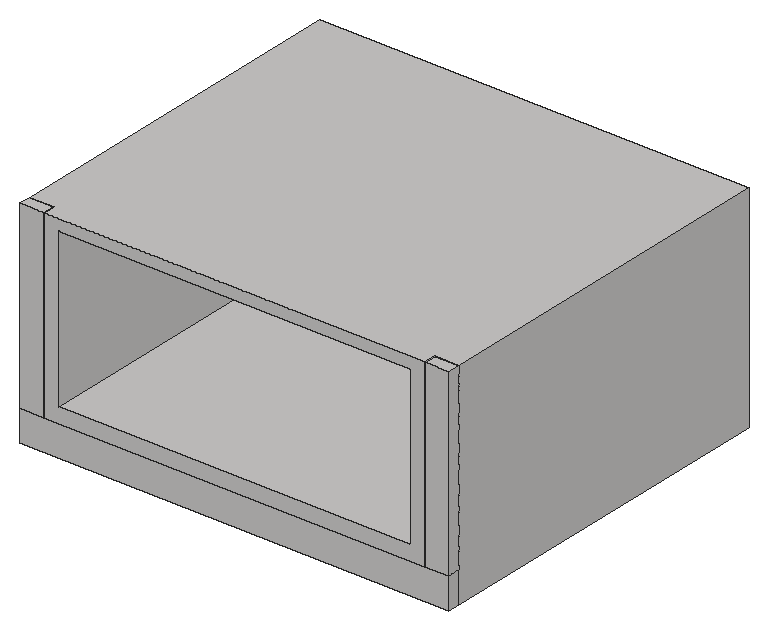
Revit family "QF_ELECTROLUXPROFESSIONAL_588637_MB1MCAIOOO", category Attrezzature speciali, Revit 2020
Family settings
  Quota connettore circolare = Usa diametro
  Tipo di parte = Normale
  Basato su piano di lavoro = No
  Sempre verticale = Sì
  Taglio con vuoti quando caricato = No
  Condiviso = No
  Punto di calcolo locali = No
Parameters (values of type "Standard")
  Weight = 22.00 kg
  Watts = 0 W
  Volts = 0 V
  URL Manufacturer = "https://www.electroluxprofessional.com/"
  URL = "https://www.electroluxprofessional.com/"
  Steam Supply Size = 0"
  Steam Supply Minimum Pressure = 0.00 psi
  Steam Supply Maximum Pressure = 0.00 psi
  Steam Consumption per Hour = 0
  Refrigeration Suction Line Size = 0 mm
  Refrigeration Liquid Line Size = 0 mm
  Refrigerant Compressor Remote = yes
  Prospetto di default = 0 mm
  Phase = 0
  Modello = "MB1MCAIOOO"
  Produttore = "Electrolux Professional"
  Length Actual = 900 mm  # constant formula
  Item Number = "588637"
  Hot Water Size = 0"
  Height Actual = 450 mm  # constant formula
  HP = "0 HP"
  Gas Size = 0"
  Gas KW = 0
  Gas Input Pressure = 0.0 Btu/h
  Direct Waste Size = 0"
  Descrizione = "OPEN BASE,1-SIDE,900X850X450H"
  Depth Actual = 850 mm  # constant formula
  Cycle = 0 Hz
  Condensate Return Size = 0"
  Compressed Air Volume = 0 GPM
  Compressed Air Size = 0"
  Compressed Air Pressure = 0.00 psi
  Cold Water Size = 0"
  Accessory = yes
Reference planes
  plane 1 "BACK": y = 0
  plane 2: z = 0
  plane 3 "LEFT": x = 0
  plane 4 "RIGHT": x = 900
  plane 5 "FRONT": y = -850
  plane 6 "PLAIN": z = 900
  plane 7 "Center (Left/Right)": x = 450
  plane 8 "Center (Front/Back)": y = -425
  plane 9 "TOP": z = 650
  plane 10 "BASE": z = 200
  plane 11: x = 822
  plane 12: x = 78
  plane 13 "Feet_back": y = -150
  plane 14 "Feet_Front": y = -720
  plane 15: x = 50
  plane 16: x = 850
  plane 17: z = 265
  plane 18: y = -45
  plane 19: y = -805
  plane 20: y = -70
  plane 21: y = -830
Forms (mm)
  Extrusion 1, solid, material "QF_Finishes_Stainless Steel"
    sketch origin (0, 0, 650) x (0, 1, 0) y (0, 0, 1)
      loop
        line (-45, -450) -> (-45, 0) -> (-805, 0) -> (-805, -450) -> (-45, -450)
    from 0 to 900
  Extrusion 2, solid, material "QF_Finishes_Stainless Steel"
    sketch origin (0, 0, 650) x (0, 1, 0) y (0, 0, 1)
      loop
        line (-830, -450) -> (-805, -450) -> (-805, -385) -> (-830, -385) -> (-830, -450)
    from 0 to 900
  Extrusion 3, void
    sketch origin (0, -850, 0) x (1, 0, 0) y (0, 0, 1)
      loop
        line (50, 650) -> (50, 265) -> (850, 265) -> (850, 650) -> (50, 650)
    from 0 to -780
  Extrusion 4, solid, material "QF_Finishes_Stainless Steel"
    sketch origin (0, -850, 0) x (1, 0, 0) y (0, 0, 1)
      loop
        line (80, 650) -> (80, 627) -> (820, 627) -> (820, 650) -> (80, 650)
    from -20 to -805
  Extrusion 5, solid, material "QF_Finishes_Stainless Steel"
    sketch origin (0, -850, 0) x (1, 0, 0) y (0, 0, 1)
      loop
        line (50, 650) -> (50, 265) -> (850, 265) -> (850, 650) -> (820, 650) -> (820, 295) -> (80, 295) -> (80, 650) -> (50, 650)
    from -20 to -780
  Extrusion 6, solid, material "QF_Finishes_Stainless Steel"
    sketch origin (0, -850, 0) x (1, 0, 0) y (0, 0, 1)
      loop
        line (0, 650) -> (0, 265) -> (50, 265) -> (50, 650) -> (0, 650)
    from -20 to -45
  Extrusion 7, solid, material "QF_Finishes_Stainless Steel"
    sketch origin (0, -850, 0) x (1, 0, 0) y (0, 0, 1)
      loop
        line (850, 650) -> (850, 265) -> (900, 265) -> (900, 650) -> (850, 650)
    from -20 to -45
Cuts and joins
  Extrusion 3 cuts Extrusion 1
  joined: Extrusion 1, Extrusion 4, Extrusion 5
Lines and regions (mm)
  symbolic lines, style "SpecialityEquipmentHiddenLines"
    curve 1: line (0, 0, 0) -> (900, 0, 0)
    curve 2: line (0, -850, 0) -> (0, 0, 0)
    curve 3: line (900, -850, 0) -> (0, -850, 0)
    curve 4: line (900, 0, 0) -> (900, -850, 0)
Dimensions and locks
  plane 3 "LEFT" to plane 4 "RIGHT" = 900 mm
  plane 5 "FRONT" to plane 1 "BACK" = 850 mm
  equal spacing: plane 3 "LEFT", plane 7 "Center (Left/Right)", plane 4 "RIGHT"
  equal spacing: plane 5 "FRONT", plane 8 "Center (Front/Back)", plane 1 "BACK"
  plane 6 "PLAIN" to plane 9 "TOP" = 250 mm
  plane 10 "BASE" to level = 200 mm
  plane 9 "TOP" to plane 10 "BASE" = 450 mm
  locked: plane 1 "BACK" to plane 13 "Feet_back" at 150
  locked: plane 14 "Feet_Front" to plane 5 "FRONT" at 130
  locked: plane 12 to plane 3 "LEFT" at 78
  locked: plane 11 to plane 4 "RIGHT" at 78
  plane 16 to plane 15 = 800 mm
  equal spacing: plane 16, plane 7 "Center (Left/Right)", plane 15
  locked: plane 17 to plane 10 "BASE" at 65
  locked: plane 1 "BACK" to plane 18 at 45
  plane 9 "TOP" to Extrusion 4 sketch curve = 23 mm
  locked: Extrusion 4 sketch curve to plane 15 at 30
  locked: plane 16 to Extrusion 4 sketch curve at 30
  locked: Extrusion 5 sketch curve to plane 17 at 30
  plane 6 "PLAIN" to level = 900 mm
  Extrusion 5 to Extrusion 5 = 740 mm
  locked: plane 18 to plane 20 at 25
  locked: plane 21 to plane 5 "FRONT" at 20
  locked: plane 19 to plane 21 at 25
  plane 18 to plane 21 = 785 mm
  aligned and locked: level to plane 2
  aligned and locked: Extrusion 1 to plane 4 "RIGHT"
  aligned and locked: Extrusion 1 to plane 3 "LEFT"
  aligned and locked: Extrusion 2 to plane 4 "RIGHT"
  aligned and locked: plane 9 "TOP" to Extrusion 3 sketch curve
  aligned and locked: Extrusion 3 sketch curve to plane 15
  aligned and locked: plane 16 to Extrusion 3 sketch curve
  aligned and locked: Extrusion 2 to plane 10 "BASE"
  aligned and locked: Extrusion 2 to plane 17
  aligned and locked: plane 17 to Extrusion 3 sketch curve
  aligned and locked: Extrusion 4 to plane 18
  aligned and locked: Extrusion 5 sketch curve to plane 15
  aligned and locked: plane 16 to Extrusion 5 sketch curve
  aligned and locked: plane 9 "TOP" to Extrusion 5 sketch curve  (x2)
  aligned and locked: plane 17 to Extrusion 5 sketch curve
  aligned and locked: Extrusion 5 sketch curve to Extrusion 4  (x2)
  aligned and locked: Extrusion 6 sketch curve to plane 9 "TOP"
  aligned and locked: plane 3 "LEFT" to Extrusion 6 sketch curve
  aligned and locked: Extrusion 6 sketch curve to plane 17
  aligned and locked: Extrusion 6 sketch curve to plane 15
  aligned and locked: Extrusion 7 sketch curve to plane 9 "TOP"
  aligned and locked: plane 16 to Extrusion 7 sketch curve
  aligned and locked: Extrusion 7 sketch curve to plane 17
  aligned and locked: plane 4 "RIGHT" to Extrusion 7 sketch curve
  aligned and locked: Extrusion 5 to plane 20
  aligned and locked: cut or joined group of Extrusion 1, Extrusion 3, Extrusion 4, Extrusion 5 to plane 20
  aligned and locked: cut or joined group of Extrusion 1, Extrusion 3, Extrusion 4, Extrusion 5 to plane 18
  aligned and locked: Extrusion 6 to plane 19
  aligned and locked: plane 21 to Extrusion 6
  aligned and locked: plane 21 to Extrusion 5
  aligned and locked: plane 21 to Extrusion 7
  aligned and locked: Extrusion 7 to plane 19
  aligned and locked: Extrusion 2 to plane 19
  aligned and locked: plane 21 to Extrusion 2
  aligned and locked: plane 21 to cut or joined group of Extrusion 1, Extrusion 3, Extrusion 4, Extrusion 5
Automatic sketch dimensions
  Extrusion 1 sketch curve to plane 10 "BASE" = 0 mm
  Extrusion 1 sketch curve to plane 9 "TOP" = 0 mm
  plane 1 "BACK" to Extrusion 1 sketch curve = 45 mm
  Extrusion 1 sketch curve to plane 5 "FRONT" = 45 mm
  Extrusion 2 sketch curve to plane 5 "FRONT" = 20 mm
  Extrusion 2 sketch curve to plane 9 "TOP" = 385 mm
  plane 10 "BASE" to Extrusion 2 sketch curve = 0 mm
  Extrusion 2 sketch curve to plane 5 "FRONT" = 45 mm
  Extrusion 4 sketch curve to plane 9 "TOP" = 0 mm
  curve 3 to plane 3 "LEFT" = 0 mm
  curve 3 to plane 4 "RIGHT" = 0 mm
  plane 5 "FRONT" to curve 3 = 0 mm
  plane 1 "BACK" to curve 2 = 0 mm
